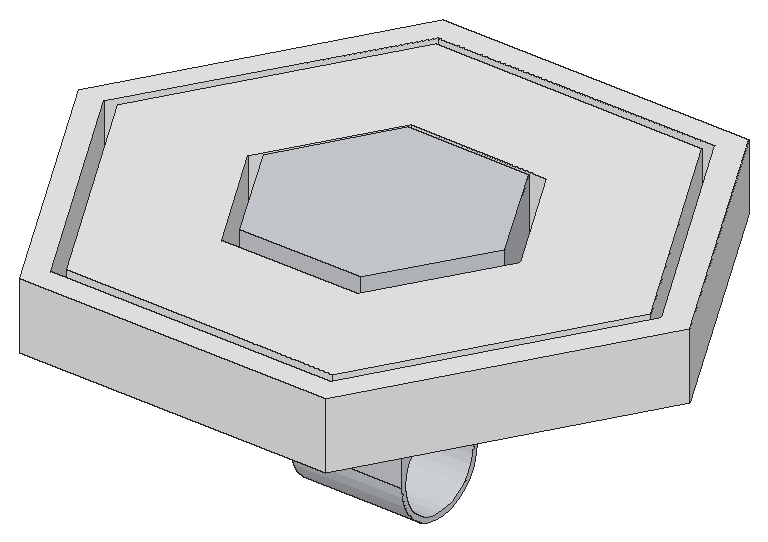
Revit family "Lighting-Industriale-GEWISS-ESALITE-HB-APPARECCHI-LED_6K_EMERGENZA", category Apparecchi per illuminazione, host Superficie, Revit 2019
Family settings
  Host = Superficie
  Quota connettore circolare = Usa diametro
  Tipo di parte = Normale
  Taglio con vuoti quando caricato = No
  Sorgente d'illuminazione = No
  Condiviso = No
  Punto di calcolo locali = Sì
Parameters (values of type "GWS6911 - ESALITE HB 6K 90° 4000K EMERG.3H CRI80")
  Versioni = "Luce naturale 4000K"
  Versione file RFA = "20.11"
  VISIBILITA' SIMBOLO [instance] = yes
  VISIBILITA' LAMPADA PIANTA [instance] = not(VISIBILITA' SIMBOLO)  # no
  VISIBILITA' ETICHETTA [instance] = yes
  V = 0 V
  URL = "https://www.gewiss.com/it/it"
  Tipologia sorgente luminosa = "LED - Non sostituibile"
  Tipologia = "Emergenza"
  Tipo versione = "Emergenza"
  Tipo alimentatore = "Driver Dali"
  Tensione = "220/240 V - 50/60 Hz"
  Temperatura di utilizzo = "0 ÷ +40 °C"
  Temperatura di colore: = "4000 K (CRI>80)"
  Spostamento_y_effettivo_ET [instance] = 4000 mm - Spostamento_y_ET  # 2119.2 mm
  Spostamento_y_ET [instance] = 1880.8 mm
  Spostamento_X_effettivo_ET [instance] = 4000 mm - Spostamento_X_ET  # 3850.612 mm
  Spostamento_X_ET [instance] = 149.388 mm
  Schermo = "Plastico"
  Scheda Tecnica = "https://www.gewiss.com/it/it/search?q=GWS6911"
  SEO = "High bay"
  Resistenza agli urti = "IK06"
  Default Elevation = 1219.2 mm
  Produttore = "GEWISS S.p.A."
  Potenza di sitema = "Wxxx"
  Potenza di sistema = "60W"
  Peso (kg): = "4,5"
  Ottica = "90°"
  Numero poli = 1
  Modello = "GWS6911"
  Lumen output in ordinaria (lm) = "6700"
  Lumen output (lm) = "6700"
  Life time L90B10 (Tq 50Â°C) = "55000H"
  Life time L90B10 (Tq 25Â°C) = "100000H"
  Lampada: = "LED - Non sostituibile"
  Immagine tipo = ESALITE_HB.jpg
  IDT = "e1623446787a4785a8c69eeae9ffe9d2"
  IDF = "ba228690-660b-45e8-9cec-37ef7f12a3f1"
  Grado di protezione = "IP55"
  Glow Wire Test = "650°C"
  Garanzia = "5 anni"
  Flusso nominale (lm) = "7200"
  Flusso luminoso in emergenza (lm) = "650"
  Descrizione: = "Esalite HB 6k con lente ed Emergenza 3h – 4000K (CRI80)"
  Descrizione = "ESALITE HB 6K 90° 4000K EMERG.3H CRI80"
  Creato da GEWISS S.p.A. = ""
  Corrente di pilotaggio. = "0,599999999999999A"
  Corrente di pilotaggio LED = "0,6A"
  Colore = "Grigio RAL 9006 + 7035"
  Codice Electrocod = "2444"
  Classe isolamento = "I"
  Classe di efficienza LED integrati = "A ÷ A++"
  Certificazione DIN 18032-3 = "No"
  Catalogo Serie = "ESALITE HB - 6K"
  Catalogo = "LIGHTING"
  COBie.Tagnumber = ""
  COBie.CreatedOn = ""
  COBie.CreatebBy = ""
  COBie.ComponentRegisterItemID = ""
  COBie.Component.TagNumber = ""
  COBie.Component.Space = ""
  COBie.Component.SerialNumber = ""
  COBie.Component.InstallationDate = ""
  COBie.Component.Description = ""
  COBie.Component.BarCode = ""
  Autonomia: = "3H"
  Applicazione = "Interno"
  Apparecchio a ridotta temperatura superficiale = "Conforme"
Reference planes
  plane 1 "Centro (Fronte/Retro)": y = 0
  plane 2: z = 0
  plane 3 "Centro (Sinistra/Destra)": x = 0
  plane 4: z = 123
  plane 5: x = 0
  plane 6: x = -3850.612
  plane 7: y = -2119.2
  plane 8: y = 0
  plane 9: through (-1779.2, -702.001, 1219.2) normal (0.4695, 0.8829, 0)
  plane 10: through (203.705, -1575.119, 1219.2) normal (-0.866, 0.5, 0)
Lines and regions (mm)
  Masking region 1, visible <- "VISIBILITA' LAMPADA PIANTA", detail levels coarse
    outline origin (0, 0, 0) x (1, 0, 0) y (0, 1, 0)
      loop
        line (-72.712, 126.226) -> (-145.481, 0.185) -> (-72.712, -125.856) -> (72.828, -125.856) -> (145.598, 0.185) -> (72.828, 126.226) -> (-72.712, 126.226)
      loop
        line (28.409, 49.29) -> (-28.293, 49.29) -> (-56.644, 0.185) -> (-28.293, -48.92) -> (28.409, -48.92) -> (56.76, 0.185) -> (28.409, 49.29)
  symbolic lines, visible <- "VISIBILITA' LAMPADA PIANTA"
    curve 1: line (-119.11, 0.185, 0) -> (-59.526, 103.387, 0)
    curve 2: line (-59.526, -103.017, 0) -> (-119.11, 0.185, 0)
    curve 3: line (59.642, -103.017, 0) -> (-59.526, -103.017, 0)
    curve 4: line (119.226, 0.185, 0) -> (59.642, -103.017, 0)
    curve 5: line (59.642, 103.387, 0) -> (119.226, 0.185, 0)
    curve 6: line (-130.677, -0.815, 0) -> (-66.175, -112.535, 0)
    curve 7: line (-66.175, -112.535, 0) -> (65.138, -112.535, 0)
    curve 8: line (-130.677, -0.815, 0) -> (-65.021, 112.905, 0)
    curve 9: line (-65.021, 112.905, 0) -> (65.136, 112.905, 0)
    curve 10: line (130.216, 0.184, 0) -> (65.136, 112.905, 0)
    curve 11: line (-59.526, 103.387, 0) -> (59.642, 103.387, 0)
    curve 12: line (65.138, -112.535, 0) -> (130.216, 0.184, 0)
    curve 13: arc (-42.371, 48.747, 0) -> (-51.904, 58.28, 0) -> (-61.437, 48.747, 0) r 9.533
    curve 14: arc (-61.437, 48.747, 0) -> (-51.904, 39.214, 0) -> (-42.371, 48.747, 0) r 9.533
    curve 15: arc (-58.446, 20.905, 0) -> (-67.979, 30.438, 0) -> (-77.512, 20.905, 0) r 9.533
    curve 16: arc (-77.512, 20.905, 0) -> (-67.979, 11.372, 0) -> (-58.446, 20.905, 0) r 9.533
    curve 17: arc (-85.975, 44.352, 0) -> (-76.442, 34.819, 0) -> (-66.909, 44.352, 0) r 9.533
    curve 18: arc (-66.909, 44.352, 0) -> (-76.442, 53.885, 0) -> (-85.975, 44.352, 0) r 9.533
    curve 19: arc (-82.984, 16.51, 0) -> (-92.517, 26.043, 0) -> (-102.05, 16.51, 0) r 9.533
    curve 20: arc (-102.05, 16.51, 0) -> (-92.517, 6.977, 0) -> (-82.984, 16.51, 0) r 9.533
    curve 21: arc (-69.9, 72.195, 0) -> (-60.367, 62.662, 0) -> (-50.834, 72.195, 0) r 9.533
    curve 22: arc (-50.834, 72.195, 0) -> (-60.367, 81.728, 0) -> (-69.9, 72.195, 0) r 9.533
    curve 23: arc (42.371, 48.747, 0) -> (51.904, 58.28, 0) -> (61.437, 48.747, 0) r 9.533
    curve 24: arc (61.437, 48.747, 0) -> (51.904, 39.214, 0) -> (42.371, 48.747, 0) r 9.533
    curve 25: arc (58.446, 20.905, 0) -> (67.979, 30.438, 0) -> (77.512, 20.905, 0) r 9.533
    curve 26: arc (77.512, 20.905, 0) -> (67.979, 11.372, 0) -> (58.446, 20.905, 0) r 9.533
    curve 27: arc (85.975, 44.352, 0) -> (76.442, 34.819, 0) -> (66.909, 44.352, 0) r 9.533
    curve 28: arc (66.909, 44.352, 0) -> (76.442, 53.885, 0) -> (85.975, 44.352, 0) r 9.533
    curve 29: arc (82.984, 16.51, 0) -> (92.517, 26.043, 0) -> (102.05, 16.51, 0) r 9.533
    curve 30: arc (102.05, 16.51, 0) -> (92.517, 6.977, 0) -> (82.984, 16.51, 0) r 9.533
    curve 31: arc (69.9, 72.195, 0) -> (60.367, 62.662, 0) -> (50.834, 72.195, 0) r 9.533
    curve 32: arc (50.834, 72.195, 0) -> (60.367, 81.728, 0) -> (69.9, 72.195, 0) r 9.533
    curve 33: arc (-41.625, 88.52, 0) -> (-32.092, 78.987, 0) -> (-22.559, 88.52, 0) r 9.533
    curve 34: arc (-22.559, 88.52, 0) -> (-32.092, 98.053, 0) -> (-41.625, 88.52, 0) r 9.533
    curve 35: arc (-6.484, 69.467, 0) -> (-16.017, 79, 0) -> (-25.55, 69.467, 0) r 9.533
    curve 36: arc (-25.55, 69.467, 0) -> (-16.017, 59.934, 0) -> (-6.484, 69.467, 0) r 9.533
    curve 37: arc (-9.475, 88.52, 0) -> (0.058, 78.987, 0) -> (9.591, 88.52, 0) r 9.533
    curve 38: arc (9.591, 88.52, 0) -> (0.058, 98.053, 0) -> (-9.475, 88.52, 0) r 9.533
    curve 39: arc (25.666, 69.467, 0) -> (16.133, 79, 0) -> (6.6, 69.467, 0) r 9.533
    curve 40: arc (6.6, 69.467, 0) -> (16.133, 59.934, 0) -> (25.666, 69.467, 0) r 9.533
    curve 41: arc (22.675, 88.52, 0) -> (32.208, 78.987, 0) -> (41.741, 88.52, 0) r 9.533
    curve 42: arc (41.741, 88.52, 0) -> (32.208, 98.053, 0) -> (22.675, 88.52, 0) r 9.533
    curve 43: arc (-41.625, -88.52, 0) -> (-32.092, -78.987, 0) -> (-22.559, -88.52, 0) r 9.533
    curve 44: arc (-22.559, -88.52, 0) -> (-32.092, -98.053, 0) -> (-41.625, -88.52, 0) r 9.533
    curve 45: arc (-6.484, -69.467, 0) -> (-16.017, -79, 0) -> (-25.55, -69.467, 0) r 9.533
    curve 46: arc (-25.55, -69.467, 0) -> (-16.017, -59.934, 0) -> (-6.484, -69.467, 0) r 9.533
    curve 47: arc (-9.475, -88.52, 0) -> (0.058, -78.987, 0) -> (9.591, -88.52, 0) r 9.533
    curve 48: arc (9.591, -88.52, 0) -> (0.058, -98.053, 0) -> (-9.475, -88.52, 0) r 9.533
    curve 49: arc (25.666, -69.467, 0) -> (16.133, -79, 0) -> (6.6, -69.467, 0) r 9.533
    curve 50: arc (6.6, -69.467, 0) -> (16.133, -59.934, 0) -> (25.666, -69.467, 0) r 9.533
    curve 51: arc (22.675, -88.52, 0) -> (32.208, -78.987, 0) -> (41.741, -88.52, 0) r 9.533
    curve 52: arc (41.741, -88.52, 0) -> (32.208, -98.053, 0) -> (22.675, -88.52, 0) r 9.533
    curve 53: line (59.642, -103.387, 0) -> (119.226, -0.185, 0)
    curve 54: line (130.216, -0.184, 0) -> (65.136, -112.905, 0)
    curve 55: arc (-42.371, -48.747, 0) -> (-51.904, -58.28, 0) -> (-61.437, -48.747, 0) r 9.533
    curve 56: arc (-61.437, -48.747, 0) -> (-51.904, -39.214, 0) -> (-42.371, -48.747, 0) r 9.533
    curve 57: arc (-58.446, -20.905, 0) -> (-67.979, -30.438, 0) -> (-77.512, -20.905, 0) r 9.533
    curve 58: arc (-77.512, -20.905, 0) -> (-67.979, -11.372, 0) -> (-58.446, -20.905, 0) r 9.533
    curve 59: arc (-85.975, -44.352, 0) -> (-76.442, -34.819, 0) -> (-66.909, -44.352, 0) r 9.533
    curve 60: arc (-66.909, -44.352, 0) -> (-76.442, -53.885, 0) -> (-85.975, -44.352, 0) r 9.533
    curve 61: arc (-82.984, -16.51, 0) -> (-92.517, -26.043, 0) -> (-102.05, -16.51, 0) r 9.533
    curve 62: arc (-102.05, -16.51, 0) -> (-92.517, -6.977, 0) -> (-82.984, -16.51, 0) r 9.533
    curve 63: arc (-69.9, -72.195, 0) -> (-60.367, -62.662, 0) -> (-50.834, -72.195, 0) r 9.533
    curve 64: arc (-50.834, -72.195, 0) -> (-60.367, -81.728, 0) -> (-69.9, -72.195, 0) r 9.533
    curve 65: arc (42.371, -48.747, 0) -> (51.904, -58.28, 0) -> (61.437, -48.747, 0) r 9.533
    curve 66: arc (61.437, -48.747, 0) -> (51.904, -39.214, 0) -> (42.371, -48.747, 0) r 9.533
    curve 67: arc (58.446, -20.905, 0) -> (67.979, -30.438, 0) -> (77.512, -20.905, 0) r 9.533
    curve 68: arc (77.512, -20.905, 0) -> (67.979, -11.372, 0) -> (58.446, -20.905, 0) r 9.533
    curve 69: arc (85.975, -44.352, 0) -> (76.442, -34.819, 0) -> (66.909, -44.352, 0) r 9.533
    curve 70: arc (66.909, -44.352, 0) -> (76.442, -53.885, 0) -> (85.975, -44.352, 0) r 9.533
    curve 71: arc (82.984, -16.51, 0) -> (92.517, -26.043, 0) -> (102.05, -16.51, 0) r 9.533
    curve 72: arc (102.05, -16.51, 0) -> (92.517, -6.977, 0) -> (82.984, -16.51, 0) r 9.533
    curve 73: arc (69.9, -72.195, 0) -> (60.367, -62.662, 0) -> (50.834, -72.195, 0) r 9.533
    curve 74: arc (50.834, -72.195, 0) -> (60.367, -81.728, 0) -> (69.9, -72.195, 0) r 9.533
    curve 75: line (0, -124.529, 121.346) -> (0, 123.553, 121.346)
    curve 76: line (0, -124.529, 90.346) -> (0, -124.529, 121.346)
    curve 77: line (0, 123.553, 90.346) -> (0, -124.529, 90.346)
    curve 78: line (0, 123.553, 121.346) -> (0, 123.553, 90.346)
    curve 79: line (0, -49.593, 90.346) -> (0, 48.617, 90.346)
    curve 80: line (0, -49.593, 56.346) -> (0, -49.593, 90.346)
    curve 81: line (0, 48.617, 56.346) -> (0, -49.593, 56.346)
    curve 82: line (0, 48.617, 90.346) -> (0, 48.617, 56.346)
    curve 83: line (0, -22.673, 56.346) -> (0, -22.673, 22.757)
    curve 84: line (0, 21.327, 22.757) -> (0, 21.327, 56.346)
    curve 85: arc (0, -22.673, 22.757) -> (0, -0.673, 0.757) -> (0, 21.327, 22.757) r 22
    curve 86: arc (0, -20.673, 22.757) -> (0, -0.673, 42.757) -> (0, 19.327, 22.757) r 20
    curve 87: arc (0, 19.327, 22.757) -> (0, -0.673, 2.757) -> (0, -20.673, 22.757) r 20
    curve 101: line (-143.172, 0, 118.589) -> (143.288, 0, 118.589)
    curve 102: line (-143.172, 0, 87.589) -> (-143.172, 0, 118.589)
    curve 103: line (143.288, 0, 87.589) -> (-143.172, 0, 87.589)
    curve 104: line (143.288, 0, 118.589) -> (143.288, 0, 87.589)
    curve 105: line (-56.644, 0, 87.589) -> (56.76, 0, 87.589)
    curve 106: line (-56.644, 0, 53.589) -> (-56.644, 0, 87.589)
    curve 107: line (56.76, 0, 53.589) -> (-56.644, 0, 53.589)
    curve 108: line (56.76, 0, 87.589) -> (56.76, 0, 53.589)
    curve 109: line (-28.293, 0, 53.589) -> (26.009, 0, 53.589)
    curve 110: line (-28.293, 0, 0) -> (-28.293, 0, 53.589)
    curve 111: line (26.009, 0, 0) -> (-28.293, 0, 0)
    curve 112: line (26.009, 0, 53.589) -> (26.009, 0, 0)
  symbolic lines, visible <- "VISIBILITA' LAMPADA PIANTA", not visible
    curve 88: line (0, -302.901, 298.372) -> (0, -54.819, 298.372)
    curve 89: line (0, -302.901, 267.372) -> (0, -302.901, 298.372)
    curve 90: line (0, -54.819, 267.372) -> (0, -302.901, 267.372)
    curve 91: line (0, -54.819, 298.372) -> (0, -54.819, 267.372)
    curve 92: line (0, -227.965, 267.372) -> (0, -129.755, 267.372)
    curve 93: line (0, -227.965, 233.372) -> (0, -227.965, 267.372)
    curve 94: line (0, -129.755, 233.372) -> (0, -227.965, 233.372)
    curve 95: line (0, -129.755, 267.372) -> (0, -129.755, 233.372)
    curve 96: line (0, -201.045, 233.372) -> (0, -201.045, 199.783)
    curve 97: line (0, -157.045, 199.783) -> (0, -157.045, 233.372)
    curve 98: arc (0, -201.045, 199.783) -> (0, -179.045, 177.783) -> (0, -157.045, 199.783) r 22
    curve 99: arc (0, -199.045, 199.783) -> (0, -179.045, 219.783) -> (0, -159.045, 199.783) r 20
    curve 100: arc (0, -159.045, 199.783) -> (0, -179.045, 179.783) -> (0, -199.045, 199.783) r 20
    curve 113: line (137.075, 0, 294.646) -> (423.535, 0, 294.646)
    curve 114: line (137.075, 0, 263.646) -> (137.075, 0, 294.646)
    curve 115: line (423.535, 0, 263.646) -> (137.075, 0, 263.646)
    curve 116: line (423.535, 0, 294.646) -> (423.535, 0, 263.646)
    curve 117: line (223.603, 0, 263.646) -> (337.007, 0, 263.646)
    curve 118: line (223.603, 0, 229.646) -> (223.603, 0, 263.646)
    curve 119: line (337.007, 0, 229.646) -> (223.603, 0, 229.646)
    curve 120: line (337.007, 0, 263.646) -> (337.007, 0, 229.646)
    curve 121: line (251.954, 0, 229.646) -> (306.255, 0, 229.646)
    curve 122: line (251.954, 0, 176.057) -> (251.954, 0, 229.646)
    curve 123: line (306.255, 0, 176.057) -> (251.954, 0, 176.057)
    curve 124: line (306.255, 0, 229.646) -> (306.255, 0, 176.057)
Text (mm)
  text "B-A=C" at (-2005.323, -1167.131, 0), in view "Livello rif."
  text "D+A-C=B" at (1746.792, 582.509, 0), in view "Livello rif."
Dimensions and locks
  "Spostamento_X_effettivo_ET": plane 6 to plane 5
  plane 6 to plane 3 "Centro (Sinistra/Destra)" = 3850.612 mm
  "Spostamento_y_effettivo_ET": plane 8 to plane 7
  plane 1 "Centro (Fronte/Retro)" to plane 7 = 2119.2 mm
  angle plane 9 to plane 7 = 28.00°
  angle plane 7 to plane 6 = 90.00°
  aligned and locked: plane 2 to host face
  aligned and locked: level to host face
  aligned and locked: plane 3 "Centro (Sinistra/Destra)" to nested 1
  aligned and locked: plane 1 "Centro (Fronte/Retro)" to nested 1
  aligned and locked: plane 5 to nested 2
  aligned and locked: nested 2 to plane 8
Automatic sketch dimensions
  host sketch curve to host sketch curve = 2438.4 mm  (x2)
  Masking region 1 sketch curve to plane 1 "Centro (Fronte/Retro)" = 0.185 mm  (x4)
  Masking region 1 sketch curve to plane 3 "Centro (Sinistra/Destra)" = 145.481 mm
  Masking region 1 sketch curve to plane 3 "Centro (Sinistra/Destra)" = 72.712 mm  (x2)
  Masking region 1 sketch curve to plane 3 "Centro (Sinistra/Destra)" = 56.644 mm
  Masking region 1 sketch curve to plane 3 "Centro (Sinistra/Destra)" = 28.293 mm  (x2)
  plane 3 "Centro (Sinistra/Destra)" to Masking region 1 sketch curve = 28.409 mm  (x2)
  Masking region 1 sketch curve to Masking region 1 sketch curve = 28.351 mm
  plane 3 "Centro (Sinistra/Destra)" to Masking region 1 sketch curve = 72.828 mm  (x2)
  Masking region 1 sketch curve to Masking region 1 sketch curve = 88.838 mm
  plane 1 "Centro (Fronte/Retro)" to Masking region 1 sketch curve = 48.92 mm
  Masking region 1 sketch curve to Masking region 1 sketch curve = 76.936 mm  (x2)
  Masking region 1 sketch curve to plane 1 "Centro (Fronte/Retro)" = 49.29 mm
  curve 13 to curve 14 = 0 mm  (x2)
  curve 15 to curve 16 = 0 mm  (x2)
  curve 17 to curve 18 = 0 mm  (x2)
  curve 19 to curve 20 = 0 mm  (x2)
  curve 21 to curve 22 = 0 mm  (x2)
  curve 23 to curve 24 = 0 mm  (x2)
  curve 25 to curve 26 = 0 mm  (x2)
  curve 27 to curve 28 = 0 mm  (x2)
  curve 29 to curve 30 = 0 mm  (x2)
  curve 31 to curve 32 = 0 mm  (x2)
  curve 33 to curve 34 = 0 mm  (x2)
  curve 35 to curve 36 = 0 mm  (x2)
  curve 37 to curve 38 = 0 mm  (x2)
  curve 39 to curve 40 = 0 mm  (x2)
  curve 41 to curve 42 = 0 mm  (x2)
  curve 43 to curve 44 = 0 mm  (x2)
  curve 45 to curve 46 = 0 mm  (x2)
  curve 47 to curve 48 = 0 mm  (x2)
  curve 49 to curve 50 = 0 mm  (x2)
  curve 51 to curve 52 = 0 mm  (x2)
  curve 55 to curve 56 = 0 mm  (x2)
  curve 57 to curve 58 = 0 mm  (x2)
  curve 59 to curve 60 = 0 mm  (x2)
  curve 61 to curve 62 = 0 mm  (x2)
  curve 63 to curve 64 = 0 mm  (x2)
  curve 65 to curve 66 = 0 mm  (x2)
  curve 67 to curve 68 = 0 mm  (x2)
  curve 69 to curve 70 = 0 mm  (x2)
  curve 71 to curve 72 = 0 mm  (x2)
  curve 73 to curve 74 = 0 mm  (x2)
  plane 1 "Centro (Fronte/Retro)" to curve 8 = 0.815 mm
  curve 8 to plane 3 "Centro (Sinistra/Destra)" = 130.677 mm
  curve 2 to plane 1 "Centro (Fronte/Retro)" = 0.185 mm
  curve 6 to curve 2 = 11.567 mm
  curve 1 to curve 62 = 26.593 mm
  curve 1 to curve 20 = 26.593 mm
  curve 19 to curve 18 = 16.075 mm
  curve 62 to curve 60 = 16.075 mm
  curve 19 to curve 16 = 24.537 mm
  curve 62 to curve 57 = 24.537 mm
  curve 7 to plane 3 "Centro (Sinistra/Destra)" = 66.175 mm
  curve 8 to plane 3 "Centro (Sinistra/Destra)" = 65.021 mm
  curve 17 to curve 21 = 16.075 mm
  curve 59 to curve 64 = 16.075 mm
  curve 8 to curve 1 = 5.495 mm
  curve 6 to curve 3 = 6.65 mm
  curve 59 to curve 56 = 24.537 mm
  curve 17 to curve 13 = 24.537 mm
  curve 1 to curve 34 = 27.434 mm
  curve 2 to curve 43 = 27.434 mm
  curve 36 to plane 3 "Centro (Sinistra/Destra)" = 16.017 mm
  curve 46 to plane 3 "Centro (Sinistra/Destra)" = 16.017 mm
  plane 3 "Centro (Sinistra/Destra)" to curve 37 = 0.058 mm
  plane 3 "Centro (Sinistra/Destra)" to curve 47 = 0.058 mm
  plane 3 "Centro (Sinistra/Destra)" to curve 49 = 16.133 mm
  plane 3 "Centro (Sinistra/Destra)" to curve 39 = 16.133 mm
  curve 49 to curve 51 = 16.075 mm
  curve 39 to curve 42 = 16.075 mm
  curve 39 to curve 23 = 35.771 mm
  curve 49 to curve 65 = 35.771 mm
  curve 51 to curve 4 = 27.434 mm
  curve 41 to curve 5 = 27.434 mm
  curve 66 to curve 73 = 8.463 mm
  curve 23 to curve 31 = 8.463 mm
  curve 5 to curve 10 = 5.494 mm
  curve 3 to curve 7 = 5.496 mm
  curve 23 to curve 25 = 16.075 mm
  curve 65 to curve 67 = 16.075 mm
  curve 23 to curve 28 = 24.537 mm
  curve 65 to curve 69 = 24.537 mm
  curve 25 to curve 30 = 24.537 mm
  curve 67 to curve 71 = 24.537 mm
  curve 4 to plane 1 "Centro (Fronte/Retro)" = 0.185 mm
  curve 29 to curve 4 = 26.709 mm
  curve 12 to plane 1 "Centro (Fronte/Retro)" = 0.184 mm
  curve 4 to curve 12 = 10.99 mm
  plane 1 "Centro (Fronte/Retro)" to curve 72 = 16.51 mm
  plane 1 "Centro (Fronte/Retro)" to curve 61 = 16.51 mm
  curve 58 to curve 61 = 4.395 mm
  curve 67 to curve 71 = 4.395 mm
  curve 69 to curve 68 = 23.448 mm
  curve 60 to curve 58 = 23.448 mm
  curve 56 to curve 60 = 4.395 mm
  curve 66 to curve 70 = 4.395 mm
  curve 46 to curve 55 = 20.72 mm
  curve 45 to curve 50 = 0 mm
  curve 64 to curve 56 = 23.448 mm
  curve 73 to curve 66 = 23.448 mm
  curve 51 to curve 49 = 19.053 mm
  curve 48 to curve 50 = 19.053 mm
  curve 43 to curve 46 = 19.053 mm
  curve 3 to curve 52 = 14.498 mm
  curve 12 to curve 3 = 9.517 mm
  curve 19 to plane 1 "Centro (Fronte/Retro)" = 16.51 mm
  curve 29 to plane 1 "Centro (Fronte/Retro)" = 16.51 mm
  curve 19 to curve 15 = 4.395 mm
  curve 29 to curve 25 = 4.395 mm
  curve 16 to curve 17 = 23.448 mm
  curve 25 to curve 27 = 23.448 mm
  curve 18 to curve 14 = 4.395 mm
  curve 28 to curve 24 = 4.395 mm
  curve 13 to curve 36 = 20.72 mm
  curve 35 to curve 39 = 0 mm
  curve 14 to curve 22 = 23.448 mm
  curve 23 to curve 31 = 23.448 mm
  curve 36 to curve 33 = 19.053 mm
  curve 40 to curve 37 = 19.053 mm
  curve 39 to curve 41 = 19.053 mm
  curve 33 to curve 11 = 14.868 mm
  curve 5 to curve 9 = 9.517 mm
  curve 20 to curve 19 = 9.533 mm
  curve 61 to curve 61 = 9.533 mm
  curve 60 to curve 59 = 9.533 mm
  curve 18 to curve 17 = 9.533 mm
  curve 61 to curve 57 = 5.471 mm
  curve 19 to curve 15 = 5.471 mm
  curve 63 to curve 63 = 9.533 mm
  curve 22 to curve 21 = 9.533 mm
  curve 18 to curve 13 = 5.471 mm
  curve 60 to curve 55 = 5.471 mm
  curve 33 to curve 33 = 9.533 mm
  curve 44 to curve 43 = 9.533 mm
  curve 36 to curve 35 = 9.533 mm
  curve 45 to curve 45 = 9.533 mm
  curve 48 to plane 3 "Centro (Sinistra/Destra)" = 9.475 mm
  curve 38 to plane 3 "Centro (Sinistra/Destra)" = 9.475 mm
  plane 3 "Centro (Sinistra/Destra)" to curve 50 = 6.6 mm
  plane 3 "Centro (Sinistra/Destra)" to curve 40 = 6.6 mm
  curve 42 to curve 41 = 9.533 mm
  curve 51 to curve 51 = 9.533 mm
  curve 66 to curve 65 = 9.533 mm
  curve 23 to curve 23 = 9.533 mm
  curve 32 to curve 31 = 9.533 mm
  curve 74 to curve 73 = 9.533 mm
  curve 67 to curve 67 = 9.533 mm
  curve 25 to curve 25 = 9.533 mm
  curve 3 to curve 53 = 0 mm
  curve 54 to curve 7 = 0.001 mm
  curve 24 to curve 28 = 5.471 mm
  curve 65 to curve 69 = 5.471 mm
  curve 26 to curve 29 = 5.471 mm
  curve 67 to curve 72 = 5.471 mm
  plane 1 "Centro (Fronte/Retro)" to curve 53 = 0.185 mm
  curve 53 to curve 4 = 0 mm
  plane 1 "Centro (Fronte/Retro)" to curve 54 = 0.184 mm
  curve 54 to curve 10 = 0 mm
  curve 53 to curve 3 = 0.37 mm
  curve 54 to curve 7 = 0.37 mm
Nested families
  nested 1: "xESALITE HB 6k SOSPENSIONE_base" at (0, 0, 0), type "Tipo 1"
  nested 2: "etichetta Potenza Lampada" at (0, 0, 0), visible <- "VISIBILITA' ETICHETTA", type "etichetta Potenza Lampada"
  nested 3: "esalight hb simb" at (0, 0, 0), visible <- "VISIBILITA' SIMBOLO", type "esalight hb simb"
  nested 4: "esalight hb simb" at (0, 0, 89) x (1, 0, 0) z (0, -1, 0), visible <- "VISIBILITA' SIMBOLO", type "esalight hb simb"
  nested 5: "esalight hb simb" at (0, 0, 89) x (0, 1, 0) z (1, 0, 0), visible <- "VISIBILITA' SIMBOLO", type "esalight hb simb"
Definition of nested family "xESALITE HB 6k SOSPENSIONE_base"
  Parameters (values of type "Tipo 1")
    V = 0 V
    Schermatura interna = none
    Numero poli = 1
    LED = none
    H_LIGHT = 32.111 mm
    Corpo luce = none
    AA = 21.411 mm
  Reference planes
    plane 1 "Centro (Fronte/Retro)": y = 0
    plane 2: z = 0
    plane 3 "Centro (Sinistra/Destra)": x = 0
    plane 4: x = -145.163
    plane 5: x = 145.28
    plane 6: y = 126.226
    plane 7: y = -125.856
    plane 8: y = 55.469
    plane 9: y = -55.099
    plane 10: x = -63.671
    plane 11: x = 63.788
    plane 12: through (-72.712, 126.226, 1200) normal (0.866, -0.5, 0)
    plane 13: through (-145.481, 0.185, 1200) normal (0.866, 0.5, 0)
    plane 14: through (72.828, -125.856, 1200) normal (-0.866, 0.5, 0)
    plane 15: through (145.598, 0.185, 1200) normal (-0.866, -0.5, 0)
    plane 16: through (-143.172, 0.185, 1200) normal (-0.866, 0.5, 0)
    plane 17: through (-71.556, -123.856, 1200) normal (-0.866, -0.5, 0)
    plane 18: y = -123.856
    plane 19: through (71.674, -123.856, 1200) normal (-0.866, 0.5, 0)
    plane 20: through (71.673, 124.226, 1200) normal (0.866, 0.5, 0)
    plane 21: y = 124.226
    plane 22: through (-66.464, 110.406, 1200) normal (0.866, -0.5, 0)
    plane 23: through (-67.33, -110.535, 1200) normal (-0.866, -0.5, 0)
    plane 24: y = -112.535
    plane 25: through (128.773, -2.315, 1200) normal (0.866, -0.5, 0)
    plane 26: through (66.58, 110.405, 1200) normal (0.866, 0.5, 0)
    plane 27: y = 112.905
    plane 28: z = 123
    plane 29: z = 120
    plane 30: y = -22
    plane 31: y = 22
    plane 32: z = 55
    plane 33: z = 21.411
    plane 34: z = 129
    plane 35: z = 89
    plane 36: through (-62.99, 107.388, 1200) normal (0.866, -0.5, 0)
    plane 37: through (-62.99, -107.018, 1200) normal (-0.866, -0.5, 0)
    plane 38: y = -108.017
    plane 39: through (124.422, -0.815, 1200) normal (0.866, -0.5, 0)
    plane 40: through (63.106, 107.388, 1200) normal (0.866, 0.5, 0)
    plane 41: y = 108.387
    plane 42: through (-28.293, 49.29, 1200) normal (0.866, -0.5, 0)
    plane 43: y = 49.29
    plane 44: through (28.409, 49.29, 1200) normal (0.866, 0.5, 0)
    plane 45: through (28.409, -48.92, 1200) normal (-0.866, 0.5, 0)
    plane 46: y = -48.92
    plane 47: through (-56.644, 0.185, 1200) normal (0.866, 0.5, 0)
    plane 48: through (-31.86, 55.469, 1200) normal (0.866, -0.5, 0)
    plane 49: through (-63.778, 0.185, 1200) normal (0.866, 0.5, 0)
    plane 50: y = -55.099
    plane 51: through (63.894, 0.185, 1200) normal (0.866, -0.5, 0)
    plane 52: through (63.894, 0.185, 1200) normal (-0.866, -0.5, 0)
    plane 53: y = 55.469
    plane 54: z = 109.439
    plane 55: through (-65.51, 1.185, 1200) normal (-0.866, 0.5, 0)
    plane 56: through (-33.592, -56.099, 1200) normal (-0.866, -0.5, 0)
    plane 57: through (-65.51, 1.185, 1200) normal (-0.866, 0.5, 0)
    plane 58: y = 57.469
    plane 59: through (33.708, 56.469, 1200) normal (0.866, 0.5, 0)
    plane 60: through (65.626, -0.815, 1200) normal (0.866, -0.5, 0)
    plane 61: y = -57.099
    plane 62: y = -1
    plane 63: y = 1
    plane 64: x = -1
    plane 65: x = 0
    plane 66: y = 105.387
    plane 67: through (-59.814, 106.887, 1200) normal (0.866, -0.5, 0)
    plane 68: through (-122.285, 1.685, 1200) normal (0.866, 0.5, 0)
    plane 69: y = -105.017
    plane 70: through (59.931, -106.517, 1200) normal (-0.866, 0.5, 0)
    plane 71: through (127.598, 1.685, 1200) normal (-0.866, -0.5, 0)
    plane 72: through (122.402, -1.315, 1200) normal (-0.866, -0.5, 0)
    plane 73: z = 116
    plane 74: through (-58.948, 104.387, 1200) normal (0.866, -0.5, 0)
    plane 75: through (-119.687, 1.185, 1200) normal (0.866, 0.5, 0)
    plane 76: y = -103.017
    plane 77: through (59.065, -104.017, 1200) normal (-0.866, 0.5, 0)
    plane 78: through (119.803, -0.815, 1200) normal (-0.866, -0.5, 0)
    plane 79: y = 103.387
    plane 80: x = 1
  Forms (mm)
    Extrusion 1, solid
      sketch origin (0, 0, 0) x (1, 0, 0) y (0, 1, 0)
        loop
          line (-28.293, 49.29) -> (-56.644, 0.185) -> (-28.293, -48.92) -> (28.409, -48.92) -> (56.76, 0.185) -> (28.409, 49.29) -> (-28.293, 49.29)
      from 123 to 55
    Extrusion 2, solid
      sketch origin (0, 0, 0) x (1, 0, 0) y (0, 1, 0)
        loop
          line (-65.021, 112.905) -> (-130.677, -0.814) -> (-66.175, -112.535) -> (65.138, -112.535) -> (130.216, 0.184) -> (65.136, 112.905) -> (-65.021, 112.905)
        loop
          line (-143.172, 0.186) -> (-71.556, -123.856) -> (71.674, -123.856) -> (143.288, 0.184) -> (71.673, 124.226) -> (-71.557, 124.226) -> (-143.172, 0.186)
      from 89 to 120
    Extrusion 3, solid
      sketch origin (0, 0, 0) x (0, 1, 0) y (0, 0, 1)
        loop
          arc (-22, 21.411) -> (0, -0.589) -> (22, 21.411) r 22
          line (22, 21.411) -> (22, 55) -> (-22, 55) -> (-22, 21.411)
        loop
          circle (0, 21.411) r 20
      from -26.009 to 26.009
    Extrusion 4, solid, material <- "Schermatura interna"
      sketch origin (0, 0, 0) x (1, 0, 0) y (0, 1, 0)
        loop
          line (-62.413, 108.387) -> (-124.883, 0.185) -> (-62.413, -108.017) -> (62.529, -108.017) -> (125, 0.185) -> (62.529, 108.387) -> (-62.413, 108.387)
        loop
          line (-31.86, 55.469) -> (-63.778, 0.185) -> (-31.86, -55.099) -> (31.976, -55.099) -> (63.894, 0.185) -> (31.976, 55.469) -> (-31.86, 55.469)
      from 89 to 120
  Dimensions and locks
    locked: plane 6 to plane 21 at 2
    locked: plane 12 to plane 16 at 2
    locked: plane 13 to plane 17 at 2
    locked: plane 7 to plane 18 at 2
    locked: plane 19 to plane 14 at 2
    locked: plane 20 to plane 15 at 2
    locked: plane 22 to plane 16 at 11.321
    locked: plane 27 to plane 21 at 11.321
    locked: plane 20 to plane 26 at 11.321
    locked: plane 19 to plane 25 at 11.321
    locked: plane 18 to plane 24 at 11.321
    locked: plane 28 to plane 29 at 3
    equal spacing: Extrusion 3, plane 3 "Centro (Sinistra/Destra)", Extrusion 3
    plane 29 to plane 35 = 31 mm
    locked: plane 29 to plane 54 at 10.561
    locked: plane 29 to plane 73 at 4
    plane 4 to plane 5 = 290.443 mm
    plane 7 to plane 6 = 252.082 mm
    aligned and locked: level to plane 2
    aligned and locked: Extrusion 1 to plane 28
    aligned and locked: Extrusion 3 sketch curve to plane 30
    aligned and locked: Extrusion 3 sketch curve to plane 31
    aligned and locked: Extrusion 2 to plane 29
    aligned and locked: Extrusion 3 sketch curve to plane 32
    aligned and locked: plane 33 to Extrusion 3 sketch curve  (x2)
    aligned and locked: plane 1 "Centro (Fronte/Retro)" to Extrusion 3 sketch curve
    aligned and locked: Extrusion 2 to plane 35
    aligned and locked: Extrusion 4 sketch curve to plane 36
    aligned and locked: Extrusion 4 sketch curve to plane 41
    aligned and locked: Extrusion 4 sketch curve to plane 40
    aligned and locked: Extrusion 4 sketch curve to plane 39
    aligned and locked: Extrusion 4 sketch curve to plane 38
    aligned and locked: Extrusion 4 sketch curve to plane 37
    aligned and locked: Extrusion 4 to plane 29
    aligned and locked: Extrusion 4 to plane 35
    aligned and locked: Extrusion 1 sketch curve to plane 42
    aligned and locked: Extrusion 1 sketch curve to plane 47
    aligned and locked: Extrusion 1 sketch curve to plane 46
    aligned and locked: Extrusion 1 sketch curve to plane 45
    aligned and locked: Extrusion 1 sketch curve to plane 44
    aligned and locked: Extrusion 1 sketch curve to plane 43
  Automatic sketch dimensions
    Extrusion 2 sketch curve to plane 16 = 0 mm  (x2)
    plane 17 to Extrusion 2 sketch curve = 0 mm  (x2)
    Extrusion 2 sketch curve to plane 22 = 0 mm
    Extrusion 2 sketch curve to plane 23 = 0 mm
    Extrusion 2 sketch curve to plane 21 = 0 mm
    Extrusion 2 sketch curve to plane 18 = 0 mm
    plane 23 to Extrusion 2 sketch curve = 0 mm
    Extrusion 2 sketch curve to plane 24 = 0 mm
    plane 22 to Extrusion 2 sketch curve = 0 mm
    Extrusion 2 sketch curve to plane 27 = 0 mm
    Extrusion 2 sketch curve to plane 25 = 0 mm
    Extrusion 2 sketch curve to plane 26 = 0 mm
    Extrusion 2 sketch curve to plane 19 = 0 mm  (x2)
    Extrusion 2 sketch curve to plane 20 = 0 mm  (x2)
    plane 25 to Extrusion 2 sketch curve = 0 mm
    plane 26 to Extrusion 2 sketch curve = 0 mm
    Extrusion 4 sketch curve to plane 48 = 0 mm
    Extrusion 4 sketch curve to plane 49 = 0 mm  (x2)
    Extrusion 4 sketch curve to plane 8 = 0 mm
    plane 48 to Extrusion 4 sketch curve = 0 mm
    Extrusion 4 sketch curve to plane 9 = 0 mm
    Extrusion 4 sketch curve to plane 51 = 0 mm
    plane 51 to Extrusion 4 sketch curve = 0 mm
    plane 52 to Extrusion 4 sketch curve = 0 mm
    Extrusion 4 sketch curve to plane 52 = 0 mm
    radius of Extrusion 3 sketch curve = 20 mm
  Connectors
    electrical at (0.058, 0.185, 55), driven by "Numero poli", driven by "V"
      settings: on Extrusion 1, index 1, voltage 0 V, apparent load 0 VA, apparent load phase1 0 VA, apparent load phase2 0 VA, apparent load phase3 0 VA, power factor 1, load classification none, number of poles 1, system type 31, power factor state 1, is connector primary yes, connector utility no, sub classification motor no, connector description ""
Definition of nested family "etichetta Potenza Lampada"
  Parameters (values of type "etichetta Potenza Lampada")
    potenza lampada = "Wxxx"
  Reference planes
    plane 1: y = 0
    plane 2: x = 0
  Text (mm)
    label "QE" at (0.073, -0.194, 0), shows "potenza lampada"
Definition of nested family "esalight hb simb"
  Reference planes
    plane 1 "Centro (Fronte/Retro)": y = 0
    plane 2: z = 0
    plane 3 "Centro (Sinistra/Destra)": x = 0
  Lines and regions (mm)
    detail lines, in view "Livello rif."
      curve 1: line (0, 152.5, 0) -> (0, -147.5, 0)
      curve 2: line (168.999, 89.193, 0) -> (284.502, 155.878, 0)
      curve 3: line (324.884, 179.193, 0) -> (278.255, 166.699, 0)
      curve 4: line (324.884, 179.193, 0) -> (290.749, 145.058, 0)
      curve 5: line (278.255, 166.699, 0) -> (290.749, 145.058, 0)
      curve 6: line (168.999, -104.193, 0) -> (284.502, -170.878, 0)
      curve 7: line (324.884, -194.193, 0) -> (278.255, -181.699, 0)
      curve 8: line (324.884, -194.193, 0) -> (290.749, -160.058, 0)
      curve 9: line (278.255, -181.699, 0) -> (290.749, -160.058, 0)
      curve 10: arc (0, 152.5, 0) -> (-150, 2.5, 0) -> (0, -147.5, 0) r 150
